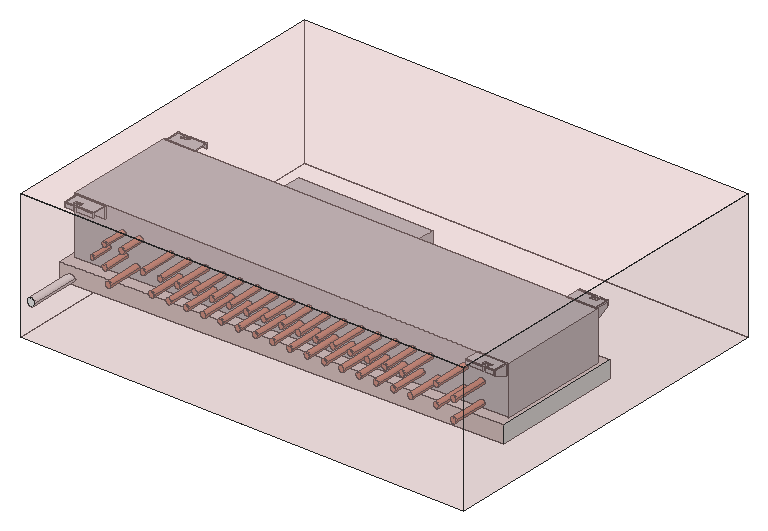
Revit family "CMB-WM1016V-AA", category Mechanical Equipment, host Ceiling, Revit 2016 (continued)
Types (60, lengths in mm): name | Voltage | Hertz | Heating Power Input (kW) | Heating Current (A) | Cooling Power Input (kW) | Cooling Current (A) | Connection pipe of outdoor/heat source unit (Low pressure)_radius | Connection pipe of outdoor/heat source unit (High pressure)_radius | Connectable Outdoor/Heat source Unit
  CMB-WM1016V-AA_220V_50Hz_To P350 | 220 V | 50 Hz | 0.45 | 2.89 | 0.45 | 2.89 | 14.29 | 9.525 | "PURY-P350YNW-A(-BS)/PURY-EP350YNW-A(-BS)/PURY-P350YLM-A(-BS)/PURY-P350YLM-A1(-BS)/PURY-EP350YLM-A1(-BS)/PQRY-P350YLM-A2/PQRY-P350YLM-A1"
  CMB-WM1016V-AA_220V_60Hz_To P350 | 220 V | 60 Hz | 0.45 | 2.89 | 0.45 | 2.89 | 14.29 | 9.525 | "PURY-P350YNW-A(-BS)/PURY-EP350YNW-A(-BS)/PURY-P350YLM-A(-BS)/PURY-P350YLM-A1(-BS)/PURY-EP350YLM-A1(-BS)/PQRY-P350YLM-A2/PQRY-P350YLM-A1"
  CMB-WM1016V-AA_230V_50Hz_To P350 | 230 V | 50 Hz | 0.46 | 2.83 | 0.46 | 2.83 | 14.29 | 9.525 | "PURY-P350YNW-A(-BS)/PURY-EP350YNW-A(-BS)/PURY-P350YLM-A(-BS)/PURY-P350YLM-A1(-BS)/PURY-EP350YLM-A1(-BS)/PQRY-P350YLM-A2/PQRY-P350YLM-A1"
  CMB-WM1016V-AA_230V_60Hz_To P350 | 230 V | 60 Hz | 0.46 | 2.83 | 0.46 | 2.83 | 14.29 | 9.525 | "PURY-P350YNW-A(-BS)/PURY-EP350YNW-A(-BS)/PURY-P350YLM-A(-BS)/PURY-P350YLM-A1(-BS)/PURY-EP350YLM-A1(-BS)/PQRY-P350YLM-A2/PQRY-P350YLM-A1"
  CMB-WM1016V-AA_240V_50Hz_To P350 | 240 V | 50 Hz | 0.47 | 2.79 | 0.47 | 2.79 | 14.29 | 9.525 | "PURY-P350YNW-A(-BS)/PURY-EP350YNW-A(-BS)/PURY-P350YLM-A(-BS)/PURY-P350YLM-A1(-BS)/PURY-EP350YLM-A1(-BS)/PQRY-P350YLM-A2/PQRY-P350YLM-A1"
  CMB-WM1016V-AA_240V_60Hz_To P350 | 240 V | 60 Hz | 0.47 | 2.79 | 0.47 | 2.79 | 14.29 | 9.525 | "PURY-P350YNW-A(-BS)/PURY-EP350YNW-A(-BS)/PURY-P350YLM-A(-BS)/PURY-P350YLM-A1(-BS)/PURY-EP350YLM-A1(-BS)/PQRY-P350YLM-A2/PQRY-P350YLM-A1"
  CMB-WM1016V-AA_220V_50Hz_To P400 | 220 V | 50 Hz | 0.45 | 2.89 | 0.45 | 2.89 | 9.525 | 7.94 | "PURY-P400YNW-A(-BS)/PURY-EP400YNW-A(-BS)/PURY-P400YLM-A(-BS)/PURY-P400YLM-A1(-BS)/PURY-EP400YLM-A1(-BS)/PQRY-P400YLM-A2/PQRY-P400YLM-A1"
  CMB-WM1016V-AA_220V_60Hz_To P400 | 220 V | 60 Hz | 0.45 | 2.89 | 0.45 | 2.89 | 9.525 | 7.94 | "PURY-P400YNW-A(-BS)/PURY-EP400YNW-A(-BS)/PURY-P400YLM-A(-BS)/PURY-P400YLM-A1(-BS)/PURY-EP400YLM-A1(-BS)/PQRY-P400YLM-A2/PQRY-P400YLM-A1"
  CMB-WM1016V-AA_230V_50Hz_To P400 | 230 V | 50 Hz | 0.46 | 2.83 | 0.46 | 2.83 | 9.525 | 7.94 | "PURY-P400YNW-A(-BS)/PURY-EP400YNW-A(-BS)/PURY-P400YLM-A(-BS)/PURY-P400YLM-A1(-BS)/PURY-EP400YLM-A1(-BS)/PQRY-P400YLM-A2/PQRY-P400YLM-A1"
  CMB-WM1016V-AA_230V_60Hz_To P400 | 230 V | 60 Hz | 0.46 | 2.83 | 0.46 | 2.83 | 9.525 | 7.94 | "PURY-P400YNW-A(-BS)/PURY-EP400YNW-A(-BS)/PURY-P400YLM-A(-BS)/PURY-P400YLM-A1(-BS)/PURY-EP400YLM-A1(-BS)/PQRY-P400YLM-A2/PQRY-P400YLM-A1"
  CMB-WM1016V-AA_240V_50Hz_To P400 | 240 V | 50 Hz | 0.47 | 2.79 | 0.47 | 2.79 | 9.525 | 7.94 | "PURY-P400YNW-A(-BS)/PURY-EP400YNW-A(-BS)/PURY-P400YLM-A(-BS)/PURY-P400YLM-A1(-BS)/PURY-EP400YLM-A1(-BS)/PQRY-P400YLM-A2/PQRY-P400YLM-A1"
  CMB-WM1016V-AA_240V_60Hz_To P400 | 240 V | 60 Hz | 0.47 | 2.79 | 0.47 | 2.79 | 9.525 | 7.94 | "PURY-P400YNW-A(-BS)/PURY-EP400YNW-A(-BS)/PURY-P400YLM-A(-BS)/PURY-P400YLM-A1(-BS)/PURY-EP400YLM-A1(-BS)/PQRY-P400YLM-A2/PQRY-P400YLM-A1"
  CMB-WM1016V-AA_220V_50Hz_To P450 | 220 V | 50 Hz | 0.45 | 2.89 | 0.45 | 2.89 | 11.1 | 9.525 | "PURY-P450YNW-A(-BS)/PURY-EP450YNW-A(-BS)/PURY-P450YLM-A(-BS)/PURY-P450YLM-A1(-BS)/PURY-EP450YLM-A1(-BS)/PQRY-P450YLM-A2/PQRY-P450YLM-A1"
  CMB-WM1016V-AA_220V_60Hz_To P450 | 220 V | 60 Hz | 0.45 | 2.89 | 0.45 | 2.89 | 11.1 | 9.525 | "PURY-P450YNW-A(-BS)/PURY-EP450YNW-A(-BS)/PURY-P450YLM-A(-BS)/PURY-P450YLM-A1(-BS)/PURY-EP450YLM-A1(-BS)/PQRY-P450YLM-A2/PQRY-P450YLM-A1"
  CMB-WM1016V-AA_230V_50Hz_To P450 | 230 V | 50 Hz | 0.46 | 2.83 | 0.46 | 2.83 | 11.1 | 9.525 | "PURY-P450YNW-A(-BS)/PURY-EP450YNW-A(-BS)/PURY-P450YLM-A(-BS)/PURY-P450YLM-A1(-BS)/PURY-EP450YLM-A1(-BS)/PQRY-P450YLM-A2/PQRY-P450YLM-A1"
  CMB-WM1016V-AA_230V_60Hz_To P450 | 230 V | 60 Hz | 0.46 | 2.83 | 0.46 | 2.83 | 11.1 | 9.525 | "PURY-P450YNW-A(-BS)/PURY-EP450YNW-A(-BS)/PURY-P450YLM-A(-BS)/PURY-P450YLM-A1(-BS)/PURY-EP450YLM-A1(-BS)/PQRY-P450YLM-A2/PQRY-P450YLM-A1"
  CMB-WM1016V-AA_240V_50Hz_To P450 | 240 V | 50 Hz | 0.47 | 2.79 | 0.47 | 2.79 | 11.1 | 9.525 | "PURY-P450YNW-A(-BS)/PURY-EP450YNW-A(-BS)/PURY-P450YLM-A(-BS)/PURY-P450YLM-A1(-BS)/PURY-EP450YLM-A1(-BS)/PQRY-P450YLM-A2/PQRY-P450YLM-A1"
  CMB-WM1016V-AA_240V_60Hz_To P450 | 240 V | 60 Hz | 0.47 | 2.79 | 0.47 | 2.79 | 11.1 | 9.525 | "PURY-P450YNW-A(-BS)/PURY-EP450YNW-A(-BS)/PURY-P450YLM-A(-BS)/PURY-P450YLM-A1(-BS)/PURY-EP450YLM-A1(-BS)/PQRY-P450YLM-A2/PQRY-P450YLM-A1"
  CMB-WM1016V-AA_220V_50Hz_To P500 | 220 V | 50 Hz | 0.45 | 2.89 | 0.45 | 2.89 | 11.1 | 9.525 | "PURY-P500YNW-A(-BS)/PURY-EP500YNW-A(-BS)/PURY-P500YLM-A(-BS)/PURY-P500YLM-A1(-BS)/PURY-EP500YLM-A1(-BS)/PQRY-P500YLM-A2/PQRY-P500YLM-A1"
  CMB-WM1016V-AA_220V_60Hz_To P500 | 220 V | 60 Hz | 0.45 | 2.89 | 0.45 | 2.89 | 11.1 | 9.525 | "PURY-P500YNW-A(-BS)/PURY-EP500YNW-A(-BS)/PURY-P500YLM-A(-BS)/PURY-P500YLM-A1(-BS)/PURY-EP500YLM-A1(-BS)/PQRY-P500YLM-A2/PQRY-P500YLM-A1"
  CMB-WM1016V-AA_230V_50Hz_To P500 | 230 V | 50 Hz | 0.46 | 2.83 | 0.46 | 2.83 | 11.1 | 9.525 | "PURY-P500YNW-A(-BS)/PURY-EP500YNW-A(-BS)/PURY-P500YLM-A(-BS)/PURY-P500YLM-A1(-BS)/PURY-EP500YLM-A1(-BS)/PQRY-P500YLM-A2/PQRY-P500YLM-A1"
  CMB-WM1016V-AA_230V_60Hz_To P500 | 230 V | 60 Hz | 0.46 | 2.83 | 0.46 | 2.83 | 11.1 | 9.525 | "PURY-P500YNW-A(-BS)/PURY-EP500YNW-A(-BS)/PURY-P500YLM-A(-BS)/PURY-P500YLM-A1(-BS)/PURY-EP500YLM-A1(-BS)/PQRY-P500YLM-A2/PQRY-P500YLM-A1"
  CMB-WM1016V-AA_240V_50Hz_To P500 | 240 V | 50 Hz | 0.47 | 2.79 | 0.47 | 2.79 | 11.1 | 9.525 | "PURY-P500YNW-A(-BS)/PURY-EP500YNW-A(-BS)/PURY-P500YLM-A(-BS)/PURY-P500YLM-A1(-BS)/PURY-EP500YLM-A1(-BS)/PQRY-P500YLM-A2/PQRY-P500YLM-A1"
  CMB-WM1016V-AA_240V_60Hz_To P500 | 240 V | 60 Hz | 0.47 | 2.79 | 0.47 | 2.79 | 11.1 | 9.525 | "PURY-P500YNW-A(-BS)/PURY-EP500YNW-A(-BS)/PURY-P500YLM-A(-BS)/PURY-P500YLM-A1(-BS)/PURY-EP500YLM-A1(-BS)/PQRY-P500YLM-A2/PQRY-P500YLM-A1"
